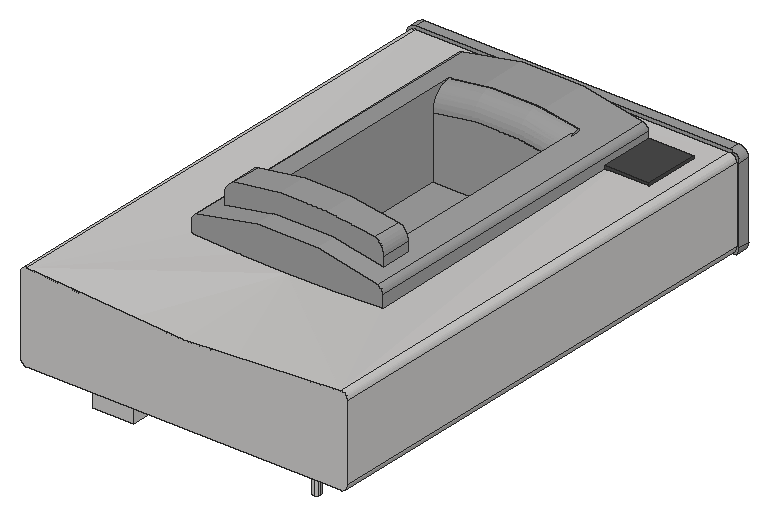
Revit family "Oasis International - BIM files", category Plumbing Fixtures, host Face, Revit 2013
Parameters (values of type "PWSMEBF")
  Waste Connection = no
  WFU = 0
  Voltage = 115 V  # constant formula
  URL = "http://www.oasiscoolers.com/default.aspx"
  Sensor = Plastic - Oasis International - Dark Gray
  Sanitary Radius = 5/8"
  Sanitary Diameter = Sanitary Radius * 2  # 1 1/4"
  Sanitary Connector = "Sanitary Connection"  # constant formula
  Rated Watts = 0 W
  Rated Capacity = 0 GPM
  Product Page URL = "http://www.oasiscoolers.com/index.php/products/pressure/aqua-pointe-bottle-fillers-and-fountains/aqua-pointe-sports-bottle-fillers-pwsmebf.html"
  Product Name = "Surface Mounted Electronic Bottle Filler"  # constant formula
  Product Documentation Link = "http://www.oasiscoolers.com/media/file/file//1/_/1_pwsmebf_1.pdf"
  Pre Cooler = ""
  Power Factor = 1
  Plastic - Finish = Plastic - Oasis International - Gray
  Performance Data = ""
  Number of Poles = 1
  Model = "PWSMEBF"  # constant formula
  Metal  Finish = Metal - Oasis International - Brushed Stainless Steel
  Maufacturer Email = "info@oasiscoolers.com"  # constant formula
  Material = ""
  Manufacturer Phone Number = "(800)950-3226"  # constant formula
  Manufacturer Fax Number = "(614)322-4557"  # constant formula
  Manufacturer Address = "222 East Campus View Blvd., Columbus, Ohio 43235"  # constant formula
  Manufacturer = "Oasis International"  # constant formula
  Full Load Amps = 0 A
  Display Panel = Screen – Oasis- XXXX Display
  Description = "Aqua Pointe Sports Bottle Filler"  # constant formula
  Default Elevation = 2' - 4 3/8"
  Copyright = "LVD Acquistion, LLC dba Oasis International"  # constant formula
  Compression HP = 0 VA
  Cold Water Radius = 3/16"
  Cold Water Diameter = Cold Water Radius * 2  # 3/8"
  Cold Water Connector = "Cold Water Connection"  # constant formula
  Chiller = "No"  # constant formula
  CWFU = 0
  CW Connection = no
  Base Rate = 0 GPM
  Apparent Load = 0 VA
Reference planes (in)
  plane 1 "-": y = 0
  plane 2: z = 0
  plane 3 "Center (Left/Right)": x = 0
  plane 4: y = 13.14062
  plane 5: y = 11.32812
  plane 6: y = -5.17188
  plane 7: z = 4.4375
  plane 8: y = 8.91251
  plane 9 "Center(Front/Back)": y = -2.60938
  plane 10: y = 7.91251
  plane 11: y = -4.10938
  plane 12 "Out": z = 5.82485
  plane 13: z = -9.5814
  plane 14: x = -8.14062
  plane 15: x = 8.14063
  plane 16: y = -6.58983
  plane 17 "Bottom": y = -37.85938
  plane 18: y = -11.60938
  plane 19 "Water Outlet": y = -5.48438
  plane 20 "Water Inlet": y = -9.60938
  plane 21 "Water Inlet Vert": x = -5.01562
  plane 22 "Water Outlet Vert": x = -3.07812
  plane 23 "Electrical Vert": x = 5.01563
  plane 24 "Electrical": y = -7.73438
  plane 25: y = 12.57812
  plane 26 "Center": y = 3.07812
  plane 27: y = 1.95312
  plane 28: z = 1.18974
  plane 29: z = 1.2761
  plane 30: x = 3.07813
  plane 31: z = 4.5625
Forms (in)
  SweptBlend 1, solid, material "Metal - Oasis International - Brushed Stainless Steel" <- "Metal  Finish"
    path origin (0, 0, 0) x (1, 0, 0) y (0, 1, 0)
      loop
        line (0, 12.57812) -> (0, -11.60938)
    profile origin (0, 12.57812, 0) x (1, 0, 0) y (0, 0, 1)
      loop
        arc (-8.14062, 0.34375) -> (-8.03994, 0.10068) -> (-7.79687, 0) r 0.34375
        line (-7.79687, 0) -> (7.79687, 0)
        arc (7.79687, 0) -> (8.03994, 0.10068) -> (8.14062, 0.34375) r 0.34375
        line (8.14062, 0.34375) -> (8.14062, 4.09375)
        arc (8.14062, 4.09375) -> (8.03994, 4.33682) -> (7.79687, 4.4375) r 0.34375
        line (7.79687, 4.4375) -> (-7.79687, 4.4375)
        arc (-7.79687, 4.4375) -> (-8.03994, 4.33682) -> (-8.14062, 4.09375) r 0.34375
        line (-8.14062, 4.09375) -> (-8.14062, 0.34375)
    end profile origin (0, -11.60938, 0) x (1, 0, 0) y (0, 0, 1)
      loop
        arc (-8.14062, 0.34375) -> (-8.03994, 0.10068) -> (-7.79687, 0) r 0.34375
        line (-7.79687, 0) -> (7.79687, 0)
        arc (7.79687, 0) -> (8.03994, 0.10068) -> (8.14063, 0.34375) r 0.34375
        line (8.14063, 0.34375) -> (8.14062, 4.09375)
        arc (8.14062, 4.09375) -> (8.03994, 4.33682) -> (7.79688, 4.4375) r 0.34375
        arc (7.79688, 4.4375) -> (0, 3.96875) -> (-7.79687, 4.4375) r 65.07839
        arc (-7.79687, 4.4375) -> (-8.03994, 4.33682) -> (-8.14062, 4.09375) r 0.34375
        line (-8.14062, 4.09375) -> (-8.14062, 0.34375)
  Extrusion 2, solid, material "Plastic - Oasis International - Gray" <- "Plastic - Finish"
    sketch origin (0, 0, 0) x (1, 0, 0) y (0, 0, 1)
      loop
        arc (-8.28125, 0.34375) -> (-8.24404, 0.15757) -> (-8.13813, 0) r 0.48438
        line (-8.13813, 0) -> (8.13813, 0)
        arc (8.13813, 0) -> (8.24404, 0.15757) -> (8.28125, 0.34375) r 0.48438
        line (8.28125, 0.34375) -> (8.28125, 4.09375)
        arc (8.28125, 4.09375) -> (8.13938, 4.43625) -> (7.79688, 4.57812) r 0.48438
        line (7.79688, 4.57812) -> (-7.79687, 4.57812)
        arc (-7.79687, 4.57812) -> (-8.13938, 4.43625) -> (-8.28125, 4.09375) r 0.48438
        line (-8.28125, 4.09375) -> (-8.28125, 0.34375)
    from -12.57813 to -13.14063
  Extrusion 3, solid, material "Plastic - Oasis International - Gray" <- "Plastic - Finish"
    sketch origin (22.2597, 11.32812, -9.45046) x (1, 0, 0) y (0, 0, 1)
      loop
        line (-27.0097, 10.52859) -> (-17.5097, 10.52859) -> (-17.5097, 14.27552)
        arc (-17.5097, 14.27552) -> (-17.58766, 14.48457) -> (-17.77161, 14.61084) r 0.37015
        arc (-17.77161, 14.61084) -> (-22.2597, 15.27859) -> (-26.74778, 14.61084) r 15.41667
        arc (-26.74778, 14.61084) -> (-26.93174, 14.48457) -> (-27.0097, 14.27552) r 0.37015
        line (-27.0097, 14.27552) -> (-27.0097, 10.52859)
    from 0 to 16.5
  Extrusion 4, void
    sketch origin (0, 0, 0) x (1, 0, 0) y (0, 1, 0)
      loop
        line (-4.75, 11.32812) -> (-4.75, -5.17188) -> (4.75, -5.17188) -> (4.75, 11.32812) -> (-4.75, 11.32812)
    from 1.00895 to 4.4375
  Extrusion 5, void
    sketch origin (0, 0, 0) x (1, 0, 0) y (0, 1, 0)
      loop
        line (-3.25, 8.91251) -> (-3.25, -2.60938) -> (3.25, -2.60938) -> (3.25, 8.91251) -> (-3.25, 8.91251)
    from 1.2761 to 5.8907
  Revolve 6, solid, material "Plastic - Oasis International - Gray" <- "Plastic - Finish"
    sketch origin (0, 0, 0) x (0, 1, 0) y (0, 0, 1)
      loop
        arc (8.91251, 5.82812) -> (8.17602, 5.50603) -> (7.91251, 4.74661) r 1.00307
        line (7.91251, 4.74661) -> (8.91251, 4.74661) -> (8.91251, 5.82812)
      axis (7.91251, -9.5814) -> (8.91251, -9.5814)
    angle from -13.25 to 13.25
  SweptBlend 7, solid, material "Plastic - Oasis International - Gray" <- "Plastic - Finish"
    path origin (0, 0, 0) x (1, 0, 0) y (0, 1, 0)
      loop
        line (0, 8.91251) -> (0, 7.91251)
    profile origin (0, 8.91251, 0) x (1, 0, 0) y (0, 0, 1)
      loop
        line (3.24924, 1.2761) -> (3.24924, 5.48166)
        arc (3.24924, 5.48166) -> (-0.00038, 5.82812) -> (-3.25, 5.48166) r 15.41323
        line (-3.25, 5.48166) -> (-3.25, 1.2761) -> (3.24924, 1.2761)
    end profile origin (0, 7.91251, 0) x (1, 0, 0) y (0, 0, 1)
      loop
        line (3.25, 1.2761) -> (3.25, 4.37281)
        arc (3.25, 4.37281) -> (0, 4.74609) -> (-3.25, 4.37281) r 14.33464
        line (-3.25, 4.37281) -> (-3.25, 1.2761) -> (3.25, 1.2761)
  Extrusion 8, solid, material "Plastic - Oasis International - Gray" <- "Plastic - Finish"
    sketch origin (0, 0, 0) x (1, 0, 0) y (0, 0, 1)
      loop
        arc (-3.9618, 5.31038) -> (0, 5.82812) -> (3.9618, 5.31038) r 15.41667
        line (3.9618, 5.31038) -> (3.9618, 5.75946)
        arc (3.9618, 5.75946) -> (3.83432, 6.18216) -> (3.49439, 6.46391) r 0.76456
        arc (3.49439, 6.46391) -> (0, 6.83984) -> (-3.49439, 6.46391) r 16.42839
        arc (-3.49439, 6.46391) -> (-3.83432, 6.18216) -> (-3.9618, 5.75946) r 0.76456
        line (-3.9618, 5.75946) -> (-3.9618, 5.31038)
    from 2.60937 to 4.10937
  Extrusion 9, void
    sketch origin (0, 0, 0) x (1, 0, 0) y (0, 0, 1)
      loop
        line (-3.25, 1.2761) -> (-3.25, 5.7761) -> (-4, 5.7761) -> (-4, 1.2761) -> (-3.25, 1.2761)
      loop
        line (4, 1.2761) -> (4, 5.7761) -> (3.25, 5.7761) -> (3.25, 1.2761) -> (4, 1.2761)
    from -9.94063 to -6.70307
  Extrusion 10, solid, material "Metal - Oasis International - Brushed Stainless Steel" <- "Metal  Finish"
    sketch origin (0, 0, 0) x (1, 0, 0) y (0, 1, 0)
      loop
        line (-6.01562, -9.73438) -> (-4.01562, -9.73438) -> (-4.01562, -5.73438) -> (-6.01562, -5.73438) -> (-6.01562, -9.73438)
      loop
        circle (5.01562, -9.60938) r 0.1825
      loop
        circle (3.07812, -5.48438) r 0.625
    from 0 to -2
  Extrusion 11, void
    sketch origin (0, 0, 5.82485) x (0, 1, 0) y (-1, 0, 0)
      loop
        circle (1.95312, 0) r 0.24877
    from -4.63511 to -4.54875
  Extrusion 12, solid, material "Metal - Oasis International - Brushed Stainless Steel" <- "Metal  Finish"
    sketch origin (0, 0, 0) x (-1, 0, 0) y (0, -1, 0)
      loop
        line (4.01563, 9.73438) -> (4.01563, 5.73438) -> (6.01563, 5.73438) -> (6.01563, 9.73438) -> (4.01563, 9.73438)
      loop
        circle (-5.01562, 9.60938) r 0.1875
      loop
        circle (-3.07812, 5.48438) r 0.625
    from 0 to -2
  Extrusion 13, solid, material "Screen – Oasis- XXXX Display" <- "Display Panel"
    sketch origin (0, 0, 0) x (1, 0, 0) y (0, 1, 0)
      loop
        line (4.75, 11.32812) -> (4.75, 8.57812) -> (7, 8.57812) -> (7, 11.32812) -> (4.75, 11.32812)
    from 4.37315 to 4.5625
Cuts and joins
  Extrusion 4, Extrusion 5 cuts SweptBlend 1
  Extrusion 5, Extrusion 11 cuts Extrusion 3
  Extrusion 5 cuts Extrusion 8
  joined: Extrusion 3, Extrusion 8
  Extrusion 9 cuts SweptBlend 7
  Extrusion 9 cuts Revolve 6
Lines and regions (in)
  Masking region 1
    outline origin (0, 0, 0) x (1, 0, 0) y (0, 0, 1)
      loop
        arc (8.13813, 0) -> (8.24404, 0.15757) -> (8.28125, 0.34375) r 0.48438
        line (8.28125, 0.34375) -> (8.28125, 4.09375)
        arc (8.28125, 4.09375) -> (8.13938, 4.43625) -> (7.79688, 4.57812) r 0.48438
        line (7.79688, 4.57812) -> (4.75, 4.57812) -> (4.75, 4.82505)
        arc (4.75, 4.82505) -> (4.67204, 5.03411) -> (4.48809, 5.16038) r 0.37015
        arc (4.48809, 5.16038) -> (4.22561, 5.23771) -> (3.9618, 5.31038) r 15.41667
        line (3.9618, 5.31038) -> (3.9618, 5.75946)
        arc (3.9618, 5.75946) -> (3.83432, 6.18216) -> (3.49439, 6.46391) r 0.76456
        arc (3.49439, 6.46391) -> (0, 6.83984) -> (-3.49439, 6.46391) r 16.42839
        arc (-3.49439, 6.46391) -> (-3.83432, 6.18216) -> (-3.9618, 5.75946) r 0.76456
        line (-3.9618, 5.75946) -> (-3.9618, 5.31038)
        arc (-3.9618, 5.31038) -> (-4.22561, 5.23771) -> (-4.48809, 5.16038) r 15.41667
        arc (-4.48809, 5.16038) -> (-4.67204, 5.03411) -> (-4.75, 4.82505) r 0.37015
        line (-4.75, 4.82505) -> (-4.75, 4.57812) -> (-7.79687, 4.57812)
        arc (-7.79687, 4.57812) -> (-8.13938, 4.43625) -> (-8.28125, 4.09375) r 0.48438
        line (-8.28125, 4.09375) -> (-8.28125, 0.34375)
        arc (-8.28125, 0.34375) -> (-8.24404, 0.15757) -> (-8.13813, 0) r 0.48438
        line (-8.13813, 0) -> (8.13813, 0)
  Masking region 2
    outline origin (0, 0, 0) x (1, 0, 0) y (0, 0, 1)
      loop
        line (5.19812, 0) -> (4.83312, 0) -> (4.83312, -2) -> (5.19812, -2) -> (5.19812, 0)
      loop
        line (3.70312, 0) -> (2.45312, 0) -> (2.45312, -2) -> (3.70312, -2) -> (3.70312, 0)
      loop
        line (-4.01562, 0) -> (-6.01562, 0) -> (-6.01562, -2) -> (-4.01562, -2) -> (-4.01562, 0)
  Masking region 3, detail levels medium+fine
    outline origin (0, 0, 0) x (1, 0, 0) y (0, 0, 1)
      loop
        line (-4.75, 1.00895) -> (4.75, 1.00895) -> (4.75, 4.82505)
        arc (4.75, 4.82505) -> (4.67204, 5.03411) -> (4.48809, 5.16038) r 0.37015
        arc (4.48809, 5.16038) -> (0, 5.82812) -> (-4.48809, 5.16038) r 15.41667
        arc (-4.48809, 5.16038) -> (-4.67204, 5.03411) -> (-4.75, 4.82505) r 0.37015
        line (-4.75, 4.82505) -> (-4.75, 1.00895)
Dimensions and locks (in)
  Extrusion 4 sketch curve to plane 3 "Center (Left/Right)" to Extrusion 4 sketch curve = 0' - 4 3/4" locked, 0' - 4 3/4" locked
  locked: Extrusion 4 sketch curve to plane 1 "-" at 5.17188
  plane 4 to plane 25 to plane 5 to plane 8 to plane 10 to plane 26 "Center" to plane 27 to plane 1 "-" to plane 9 "Center(Front/Back)" to plane 11 to plane 6 to plane 19 "Water Outlet" to plane 16 to plane 24 "Electrical" to plane 20 "Water Inlet" to plane 18 = 0' - 0 9/16" locked, 0' - 1 1/4" locked, 0' - 2.41561" locked, 0' - 1" locked, 0' - 4.83439" locked, 0' - 1 1/8" locked, 0' - 1 61/64" locked, 0' - 2 39/64" locked, 0' - 1 1/2" locked, 0' - 1 1/16" locked, 0' - 0 5/16" locked, 0' - 1 27/256" locked, 0' - 1 37/256" locked, 0' - 1 7/8" locked, 0' - 2" locked
  plane 12 "Out" to plane 7 to plane 2 to plane 13 = 0' - 1.38735" locked, 0' - 4 7/16" locked, 0' - 9.5814" locked
  SweptBlend 1 sketch curve to plane 3 "Center (Left/Right)" to SweptBlend 1 sketch curve = 0' - 8 9/64" locked, 0' - 8 9/64" locked  (x2)
  locked: plane 2 to SweptBlend 1 sketch curve at 3.96875
  plane 2 to Extrusion 3 sketch curve to Extrusion 3 sketch curve = 0' - 1 5/64" locked, 0' - 4 3/4" locked
  Extrusion 3 sketch curve to plane 3 "Center (Left/Right)" to Extrusion 3 sketch curve = 0' - 4 3/4" locked, 0' - 4 3/4" locked
  plane 2 to Extrusion 8 sketch curve to Extrusion 8 sketch curve = 0' - 5 53/64" locked, 0' - 1 3/256" locked
  Extrusion 8 sketch curve to plane 3 "Center (Left/Right)" to Extrusion 8 sketch curve = 0' - 3.9618" locked, 0' - 3.9618" locked
  Extrusion 5 sketch curve to plane 3 "Center (Left/Right)" to Extrusion 5 sketch curve = 0' - 3 1/4" locked, 0' - 3 1/4" locked
  plane 2 to SweptBlend 7 sketch curve to SweptBlend 7 sketch curve = 0' - 1.2761" locked, 0' - 4.55202" locked
  SweptBlend 7 sketch curve to plane 3 "Center (Left/Right)" to SweptBlend 7 sketch curve = 0' - 3.24924" locked, 0' - 3 1/4" locked
  plane 2 to SweptBlend 7 sketch curve to SweptBlend 7 sketch curve = 0' - 1.2761" locked, 0' - 3.46999" locked
  SweptBlend 7 sketch curve to plane 3 "Center (Left/Right)" to SweptBlend 7 sketch curve = 0' - 3 1/4" locked, 0' - 3 1/4" locked
  locked: level to Extrusion 2 sketch curve at 4.57812
  Extrusion 2 sketch curve to plane 3 "Center (Left/Right)" to Extrusion 2 sketch curve = 0' - 8 9/32" locked, 0' - 8 9/32" locked
  plane 14 to plane 21 "Water Inlet Vert" to plane 22 "Water Outlet Vert" to plane 3 "Center (Left/Right)" to plane 23 "Electrical Vert" to plane 15 = 0' - 3 1/8" locked, 0' - 1 15/16" locked, 0' - 3 5/64" locked, 0' - 5 1/64" locked, 0' - 3 1/8" locked
  plane 14 to plane 15 = 1' - 4 9/32"
  locked: plane 4 to SweptBlend 1 sketch curve at 0.5625
  Extrusion 9 sketch curve to Extrusion 9 sketch curve to plane 3 "Center (Left/Right)" to Extrusion 9 sketch curve to Extrusion 9 sketch curve = 0' - 0 3/4" locked, 0' - 3 1/4" locked, 0' - 3 1/4" locked, 0' - 0 3/4" locked
  Extrusion 9 sketch curve to Extrusion 9 sketch curve to plane 7 to Extrusion 9 sketch curve to Extrusion 9 sketch curve = 0' - 0" locked, 0' - 3.1614" locked, 0' - 1.3386" locked, 0' - 0" locked
  plane 12 "Out" to plane 7 to plane 29 to plane 28 = 0' - 1.38735", 0' - 3.1614", 0' - 0.08636"
  plane 4 to plane 17 "Bottom" = 4' - 3"
  plane 18 to plane 17 "Bottom" = 2' - 2 1/4"
  Extrusion 12 sketch curve to Extrusion 12 sketch curve = 0' - 4"
  Extrusion 10 sketch curve to plane 20 "Water Inlet" to Extrusion 10 sketch curve = 0' - 3 7/8" locked, 0' - 0 1/8" locked
  Extrusion 10 sketch curve to plane 21 "Water Inlet Vert" to Extrusion 10 sketch curve = 0' - 1" locked, 0' - 1" locked
  Masking region 2 sketch curve to Masking region 2 sketch curve to Masking region 2 sketch curve to plane 2 = 0' - 0" locked, 0' - 0" locked, 0' - 2" locked
  Masking region 2 sketch curve to Masking region 2 sketch curve to Masking region 2 sketch curve to Masking region 2 sketch curve to plane 3 "Center (Left/Right)" to Extrusion 12 to Masking region 2 sketch curve to Masking region 2 sketch curve = 0' - 0.365" locked, 0' - 1.13" locked, 0' - 1 1/4" locked, 0' - 2 29/64" locked, 0' - 4 1/64" locked, 0' - 0" locked, 0' - 2" locked
  locked: plane 5 to Extrusion 13 sketch curve at 2.75
  Extrusion 13 sketch curve to Extrusion 13 sketch curve to plane 15 = 0' - 2 1/4" locked, 0' - 1 9/64" locked
  locked: plane 2 to Extrusion 12 at 2
  Extrusion 12 sketch curve to plane 20 "Water Inlet" to Extrusion 12 sketch curve = 0' - 3 7/8" locked, 0' - 0 1/8" locked
  Extrusion 12 sketch curve to plane 21 "Water Inlet Vert" to Extrusion 12 sketch curve = 0' - 1" locked, 0' - 1" locked
  Extrusion 9 to plane 10 to plane 8 to Extrusion 9 = 0' - 1.20945", 0' - 1", 0' - 1.02812"
  locked: plane 31 to Extrusion 13 at 0.18935
  locked: plane 12 "Out" to plane 31 at 1.26235
  locked: plane 28 to cut or joined group of SweptBlend 1, Extrusion 4, Extrusion 5 at 0.18079
  locked: Extrusion 5 to plane 12 "Out" at 0.06585
  locked: Revolve 6 sketch curve to plane 31 at 0.18411
  locked: plane 22 "Water Outlet Vert" to Revolve 6 at 0.45374
  locked: plane 12 "Out" to Revolve 6 at 0.40694  (x2)
  locked: plane 30 to Revolve 6 at 0.45374
  radius of cut or joined group of Extrusion 3, Extrusion 5, Extrusion 8, Extrusion 11 = 1' - 3.41667"
  "Sanitary Radius": radius of Extrusion 12 sketch curve
  "Cold Water Radius": radius of Extrusion 12 sketch curve
  aligned and locked: plane 2 to host face
  aligned and locked: level to host face
  aligned and locked: Extrusion 4 sketch curve to plane 5
  aligned and locked: Extrusion 8 to plane 11
  aligned and locked: level to SweptBlend 1 sketch curve
  aligned and locked: plane 7 to SweptBlend 1 sketch curve
  aligned and locked: SweptBlend 1 sketch curve to level
  aligned and locked: plane 5 to cut or joined group of Extrusion 3, Extrusion 5, Extrusion 8, Extrusion 11
  aligned and locked: cut or joined group of Extrusion 3, Extrusion 5, Extrusion 8, Extrusion 11 to plane 6
  aligned and locked: Extrusion 5 sketch curve to plane 8
  aligned and locked: plane 9 "Center(Front/Back)" to Extrusion 5 sketch curve
  aligned and locked: plane 8 to SweptBlend 7 sketch curve
  aligned and locked: plane 10 to SweptBlend 7 sketch curve
  aligned and locked: SweptBlend 7 sketch curve to plane 3 "Center (Left/Right)"
  aligned and locked: plane 8 to Revolve 6 sketch curve  (x3)
  aligned and locked: Revolve 6 sketch curve to plane 13
  aligned and locked: plane 9 "Center(Front/Back)" to Revolve 6 sketch curve
  aligned and locked: Revolve 6 sketch curve to plane 3 "Center (Left/Right)"  (x2)
  aligned and locked: plane 3 "Center (Left/Right)" to Revolve 6 sketch curve
  aligned and locked: level to Extrusion 2 sketch curve
  aligned and locked: plane 18 to SweptBlend 1 sketch curve
  aligned and locked: SweptBlend 1 sketch curve to plane 3 "Center (Left/Right)"
  aligned and locked: plane 25 to cut or joined group of SweptBlend 1, Extrusion 4, Extrusion 5
  aligned and locked: cut or joined group of SweptBlend 1, Extrusion 4, Extrusion 5 to plane 18
  aligned and locked: host face to Masking region 1 sketch curve
  aligned and locked: Masking region 1 sketch curve to Extrusion 2  (x4)
  aligned and locked: cut or joined group of Extrusion 3, Extrusion 5, Extrusion 8, Extrusion 11 to Masking region 1 sketch curve
  aligned and locked: Masking region 1 sketch curve to cut or joined group of Extrusion 3, Extrusion 5, Extrusion 8, Extrusion 11  (x9)
  aligned and locked: Masking region 3 sketch curve to cut or joined group of SweptBlend 1, Extrusion 4, Extrusion 5
  aligned and locked: Masking region 3 sketch curve to cut or joined group of Extrusion 3, Extrusion 5, Extrusion 8, Extrusion 11  (x5)
  aligned and locked: plane 27 to Extrusion 11 sketch curve
  aligned and locked: plane 3 "Center (Left/Right)" to Extrusion 11 sketch curve
  aligned and locked: Extrusion 11 to plane 28
  aligned and locked: plane 29 to Extrusion 11
  aligned and locked: plane 19 "Water Outlet" to Extrusion 10 sketch curve
  aligned and locked: plane 30 to Extrusion 10 sketch curve
  aligned and locked: plane 20 "Water Inlet" to Extrusion 10 sketch curve
  aligned and locked: plane 23 "Electrical Vert" to Extrusion 10 sketch curve
  aligned and locked: Masking region 2 sketch curve to plane 2  (x3)
  aligned and locked: Extrusion 13 sketch curve to plane 5
  aligned and locked: plane 31 to Extrusion 13
  aligned and locked: level to Extrusion 12
  aligned and locked: plane 30 to Extrusion 12 sketch curve
  aligned and locked: plane 19 "Water Outlet" to Extrusion 12 sketch curve
  aligned and locked: plane 23 "Electrical Vert" to Extrusion 12 sketch curve
  aligned and locked: plane 20 "Water Inlet" to Extrusion 12 sketch curve
  aligned and locked: Extrusion 4 to SweptBlend 1
  aligned and locked: plane 10 to Revolve 6 sketch curve
  aligned and locked: plane 4 to Extrusion 2
  aligned and locked: Extrusion 2 to cut or joined group of SweptBlend 1, Extrusion 4, Extrusion 5
  aligned and locked: plane 9 "Center(Front/Back)" to Extrusion 8
Automatic sketch dimensions
  host sketch curve to host sketch curve = 8' - 0"  (x2)
  profile plane to SweptBlend 1 sketch curve = 0' - 7 51/64"  (x2)
  level to SweptBlend 1 sketch curve = 0' - 0 11/32"  (x2)
  SweptBlend 1 sketch curve to SweptBlend 1 sketch curve = 0' - 0 11/32"  (x4)
  profile plane to SweptBlend 1 sketch curve = 0' - 0"
  SweptBlend 1 sketch curve to SweptBlend 1 sketch curve = 0' - 3 3/4"
  plane 14 to Extrusion 2 sketch curve = 0' - 0.00249"
  level to Extrusion 2 sketch curve = 0' - 0 11/32"  (x2)
  plane 14 to Extrusion 2 sketch curve = 0' - 0 11/32"
  plane 15 to Extrusion 2 sketch curve = 0' - 0 11/32"
  plane 15 to Extrusion 2 sketch curve = 0' - 0.00249"
  plane 31 to Extrusion 3 sketch curve = 0' - 0.26255"
  Extrusion 3 sketch curve to plane 3 "Center (Left/Right)" = 0' - 0"
  Extrusion 3 sketch curve to Extrusion 3 sketch curve = 0' - 0.26191"
  Extrusion 3 sketch curve to Extrusion 3 sketch curve = 0' - 0"  (x2)
  Extrusion 3 sketch curve to Extrusion 3 sketch curve = 0' - 0.10776"  (x2)
  Extrusion 3 sketch curve to Extrusion 3 sketch curve = 0' - 0.36967"
  level to SweptBlend 7 sketch curve = 0' - 5.48166"
  profile plane to SweptBlend 7 sketch curve = 0' - 0.00038"
  level to SweptBlend 7 sketch curve = 0' - 4.37281"
  profile plane to SweptBlend 7 sketch curve = 0' - 0"
  Extrusion 8 sketch curve to Extrusion 8 sketch curve = 0' - 0"  (x2)
  level to Extrusion 8 sketch curve = 0' - 5.31038"
  Extrusion 8 sketch curve to plane 3 "Center (Left/Right)" = 0' - 0"
  Extrusion 8 sketch curve to plane 22 "Water Outlet Vert" = 0' - 0.41626"
  Extrusion 8 sketch curve to plane 12 "Out" = 0' - 0.0654"  (x2)
  Extrusion 8 sketch curve to plane 30 = 0' - 0.11911"
  Masking region 1 sketch curve to plane 14 = 0' - 0 9/64"
  level to Masking region 1 sketch curve = 0' - 0 11/32"  (x2)
  plane 14 to Masking region 1 sketch curve = 0' - 0.00249"
  plane 31 to Masking region 1 sketch curve = 0' - 0 1/64"  (x2)
  plane 14 to Masking region 1 sketch curve = 0' - 0 11/32"
  plane 15 to Masking region 1 sketch curve = 0' - 0 11/32"
  plane 15 to Masking region 1 sketch curve = 0' - 0.00249"
  Masking region 1 sketch curve to plane 15 = 0' - 0 9/64"
  radius of Extrusion 10 sketch curve = 0' - 0.1825"
  radius of Extrusion 10 sketch curve = 0' - 0 5/8"
  radius of Extrusion 11 sketch curve = 0' - 0.24877"
Connectors (in)
  piping at (3.07812, -5.48438, -2), driven by "Base Rate", driven by "Sanitary Radius", driven by "Waste Connection", driven by "Sanitary Connector", driven by "WFU"
    settings: on Extrusion 10, index 1, connector radius 5/8", flow factor 0, pipe flow 0 GPM, pressure drop 0.00 psi, fitting loss kfactor 0, connector angle 0.00°, fixture units 0, engagement length 0' - 0", flow configuration 3, flow direction 2, fitting loss method 0, system type 16, joint type 0, gender type 0, connector reference index -1, connector utility 0, adjustable connector yes, is connector primary yes, fitting loss table "", connector description "Sanitary Connection"
  piping at (5.01562, -9.60938, -2), driven by "Base Rate", driven by "Cold Water Radius", driven by "CW Connection", driven by "Cold Water Connector", driven by "CWFU"
    settings: on Extrusion 10, index 2, connector radius 3/16", flow factor 0, pipe flow 0 GPM, pressure drop 0.00 psi, fitting loss kfactor 0, connector angle 0.00°, fixture units 0, engagement length 0' - 0", flow configuration 3, flow direction 1, fitting loss method 0, system type 20, joint type 0, gender type 0, connector reference index -1, connector utility 0, adjustable connector yes, is connector primary no, fitting loss table "", connector description "Cold Water Connection"
  electrical at (-5.01562, -7.73438, -2), driven by "Number of Poles", driven by "Voltage", driven by "Apparent Load", driven by "Power Factor"
    settings: on Extrusion 10, index 3, voltage 115 V, apparent load 0 VA, apparent load phase1 0 VA, apparent load phase2 0 VA, apparent load phase3 0 VA, power factor 1, load classification "Other", number of poles 1, system type 31, power factor state 1, is connector primary yes, connector utility no, sub classification motor no, connector description "Power Connector"
